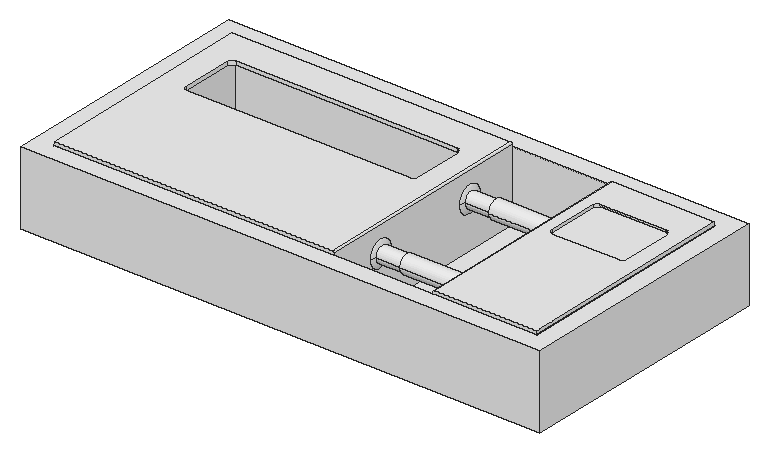
Revit family "Combination_Tissue_Toilet_Seat_Dispenser-Bobrick-ClassicSeries-B-30929", category Specialty Equipment, host Face, Revit 2014
Parameters (values of type "B-30929")
  Width = 28"  # constant formula
  URL = "http://www.bobrick.com/"
  Type Comments = ""
  Revised Date = "08/15/2019"  # constant formula
  Product Page URL = ""
  Product Documentation Link = ""
  Price = "Prices may vary. Please consult Manufacturer Representative for most up-to-date price list."  # constant formula
  Model = "B-30929"
  Material = "Stainless Steel-Bobrick-Type 304-Satin"
  Finish = Stainless Steel-Bobrick-Type 304-Satin
  Manufacturer = "Bobrick"
  Installation Type = "Surface-Mounted"
  Height = 14"  # constant formula
  Description = "ClassicSeries Toilet Seat-Cover Dispenser, Waste Disposal, and Toilet Tissue Dispenser"
  Depth = 3 15/16"  # constant formula
  Default Elevation = 17 7/8"  # constant formula
  Assembly Code = "C1030200"
  ADA Compliant = no
Reference planes (in)
  plane 1 "Center (Front/Back)": y = 0
  plane 2: z = 0
  plane 3 "Center (Left/Right)": x = 0
  plane 4: x = -14
  plane 5: y = -7
  plane 6: x = 14
  plane 7: y = 7
  plane 8: y = 5.96875
  plane 9: y = -5.96875
  plane 10: z = 3.9375
Forms (in)
  Extrusion 1, solid, material "Stainless Steel-Bobrick-Type 304-Satin" <- "Finish"
    sketch origin (0, 0, 0) x (1, 0, 0) y (0, 1, 0)
      loop
        line (-14, 7) -> (-14, -7) -> (14, -7) -> (14, 7) -> (-14, 7)
      loop
        line (-13, 6) -> (-13, -6) -> (13, -6) -> (13, 6) -> (-13, 6)
    from 0 to 3.9375
  Extrusion 2, solid, material "Stainless Steel-Bobrick-Type 304-Satin" <- "Finish"
    sketch origin (0, 0, 3.9375) x (1, 0, 0) y (0, 0, 1)
      loop
        line (13, 0) -> (12.96875, 0) -> (12.96875, 0.1875) -> (7.50355, 0.1875)
        arc (7.50355, 0.1875) -> (7.43475, 0.159) -> (7.40625, 0.0902) r 0.0973
        line (7.40625, 0.0902) -> (7.40625, -3.80503) -> (2.09375, -3.80503) -> (2.09375, 0.08984)
        arc (2.09375, 0.08984) -> (2.06515, 0.1589) -> (1.99609, 0.1875) r 0.09766
        line (1.99609, 0.1875) -> (-12.96875, 0.1875) -> (-12.96875, 0) -> (-13, 0) -> (-13, -3.9375) -> (13, -3.9375) -> (13, 0)
      loop
        line (7.48037, -3.80503) -> (12.85834, -3.80503) -> (12.85834, 0) -> (7.48037, 0) -> (7.48037, -3.80503)
      loop
        line (1.94083, 0) -> (-12.80917, 0) -> (-12.80917, -3.75) -> (1.94083, -3.75) -> (1.94083, 0)
    from -5.96875 to 5.96875
  Extrusion 3, void
    sketch origin (0, 0, 3.9375) x (1, 0, 0) y (0, 1, 0)
      loop
        arc (-11.33855, 4.14746) -> (-11.51533, 4.07424) -> (-11.58855, 3.89746) r 0.25
        line (-11.58855, 3.89746) -> (-11.58855, 1.14746)
        arc (-11.58855, 1.14746) -> (-11.51533, 0.97069) -> (-11.33855, 0.89746) r 0.25
        line (-11.33855, 0.89746) -> (0.66145, 0.89746)
        arc (0.66145, 0.89746) -> (0.83823, 0.97069) -> (0.91145, 1.14746) r 0.25
        line (0.91145, 1.14746) -> (0.91145, 3.81031)
        arc (0.91145, 3.81031) -> (0.8127, 4.04871) -> (0.5743, 4.14746) r 0.33715
        line (0.5743, 4.14746) -> (-11.33855, 4.14746)
    from -1.22072 to 1.32811
  Extrusion 4, void
    sketch origin (0, 0, 3.9375) x (1, 0, 0) y (0, 1, 0)
      loop
        arc (12.16145, 3.81031) -> (12.0627, 4.04871) -> (11.8243, 4.14746) r 0.33715
        line (11.8243, 4.14746) -> (8.36364, 4.14746)
        arc (8.36364, 4.14746) -> (8.18686, 4.07424) -> (8.11364, 3.89746) r 0.25
        line (8.11364, 3.89746) -> (8.11364, 1.14746)
        arc (8.11364, 1.14746) -> (8.18686, 0.97069) -> (8.36364, 0.89746) r 0.25
        line (8.36364, 0.89746) -> (11.91145, 0.89746)
        arc (11.91145, 0.89746) -> (12.08823, 0.97069) -> (12.16145, 1.14746) r 0.25
        line (12.16145, 1.14746) -> (12.16145, 3.81031)
    from 0.07719 to 0.7726
  Revolve 5, solid, material "Stainless Steel-Bobrick-Type 304-Satin" <- "Finish"
    sketch origin (0, 0, 2.6875) x (1, 0, 0) y (0, 1, 0)
      loop
        line (7.31867, 3.59629) -> (3.55123, 3.59629) -> (3.55123, 3.52975) -> (2.19705, 3.52975)
        arc (2.19705, 3.52975) -> (2.15615, 3.67557) -> (2.09375, 3.81356) r 1.00224
        line (2.09375, 3.81356) -> (2.09375, 3.10384) -> (7.40625, 3.10384) -> (7.40625, 3.81356)
        arc (7.40625, 3.81356) -> (7.35609, 3.70749) -> (7.31867, 3.59629) r 1.00224
      axis (2.09375, 3.10384) -> (7.40625, 3.10384)
    angle from 0 to 360
  Revolve 6, solid, material "Stainless Steel-Bobrick-Type 304-Satin" <- "Finish"
    sketch origin (0, -6, 2.6875) x (1, 0, 0) y (0, 1, 0)
      loop
        line (7.31867, 3.59629) -> (3.55123, 3.59629) -> (3.55123, 3.52975) -> (2.19705, 3.52975)
        arc (2.19705, 3.52975) -> (2.15615, 3.67557) -> (2.09375, 3.81356) r 1.00224
        line (2.09375, 3.81356) -> (2.09375, 3.10384) -> (7.40625, 3.10384) -> (7.40625, 3.81356)
        arc (7.40625, 3.81356) -> (7.35609, 3.70749) -> (7.31867, 3.59629) r 1.00224
      axis (2.09375, 3.10384) -> (7.40625, 3.10384)
    angle from 0 to 360
Cuts and joins
  Extrusion 3, Extrusion 4 cuts Extrusion 2
Lines and regions (in)
  Masking region 1
    outline origin (0, 0, 0) x (-1, 0, 0) y (0, 0, 1)
      loop
        line (14, 0) -> (14, 3.9375) -> (12.96875, 3.9375) -> (12.96875, 4.125) -> (-1.99609, 4.125)
        arc (-1.99609, 4.125) -> (-2.06515, 4.0964) -> (-2.09375, 4.02734) r 0.09766
        line (-2.09375, 4.02734) -> (-2.09375, 3.9375) -> (-7.40625, 3.9375) -> (-7.40625, 4.0277)
        arc (-7.40625, 4.0277) -> (-7.43475, 4.0965) -> (-7.50355, 4.125) r 0.0973
        line (-7.50355, 4.125) -> (-12.96875, 4.125) -> (-12.96875, 3.9375) -> (-14, 3.9375) -> (-14, 0) -> (14, 0)
  symbolic lines, detail levels medium+fine
    curve 1: line (13.0539, 0, 0) -> (-13.0539, 0, 0)
    curve 2: line (-13.0539, 0, 0) -> (13.0539, 0, 0)
    curve 3: line (-13, 0, 3.9375) -> (2.09375, 0, 3.9375)
    curve 4: line (13, 0, 3.9375) -> (7.40625, 0, 3.9375)
Dimensions and locks (in)
  equal spacing: plane 5, plane 1 "Center (Front/Back)", plane 7
  "Height": plane 5 to plane 7
  equal spacing: plane 4, plane 3 "Center (Left/Right)", plane 6
  "Width": plane 4 to plane 6
  aligned and locked: plane 2 to host face
  aligned and locked: level to host face
Automatic sketch dimensions
  curve 1 to level = 0"
  curve 2 to level = 0"
  curve 3 to plane 10 = 0"
  curve 4 to plane 10 = 0"
  plane 4 to curve 1 = 0.9461"
  curve 2 to curve 1 = 0"  (x2)
  plane 3 "Center (Left/Right)" to curve 3 = 2 3/32"
  curve 3 to curve 4 = 5 5/16"
  plane 6 to curve 1 = 0.9461"
  host sketch curve to host sketch curve = 96"  (x2)
  Extrusion 1 sketch curve to plane 4 = 0"
  Extrusion 1 sketch curve to plane 6 = 0"
  plane 5 to Extrusion 1 sketch curve = 0"
  plane 7 to Extrusion 1 sketch curve = 0"
  Extrusion 1 sketch curve to plane 8 = 1/32"
  plane 4 to Extrusion 1 sketch curve = 1"
  plane 6 to Extrusion 1 sketch curve = 1"
  Extrusion 1 sketch curve to plane 9 = 1/32"
  Extrusion 2 sketch curve to level = 0"
  Extrusion 2 sketch curve to plane 10 = 0"  (x4)
  plane 4 to Extrusion 2 sketch curve = 1"
  Extrusion 2 sketch curve to Extrusion 2 sketch curve = 1/32"
  Extrusion 2 sketch curve to Extrusion 2 sketch curve = 0.15958"
  plane 3 "Center (Left/Right)" to Extrusion 2 sketch curve = 1.94083"
  Extrusion 2 sketch curve to Extrusion 2 sketch curve = 0.05526"
  Extrusion 2 sketch curve to Extrusion 2 sketch curve = 0.15292"
  level to Extrusion 2 sketch curve = 0.13247"  (x2)
  Extrusion 2 sketch curve to Extrusion 2 sketch curve = 5 5/16"
  Extrusion 2 sketch curve to Extrusion 2 sketch curve = 0.07412"
  Extrusion 2 sketch curve to Extrusion 2 sketch curve = 0.0973"
  plane 6 to Extrusion 2 sketch curve = 1.14166"
  Extrusion 2 sketch curve to Extrusion 2 sketch curve = 0.11041"
  Extrusion 2 sketch curve to Extrusion 2 sketch curve = 0.14166"
  level to Extrusion 2 sketch curve = 3/16"
  plane 10 to Extrusion 2 sketch curve = 23/256"
  plane 10 to Extrusion 2 sketch curve = 0.0902"
  Extrusion 3 sketch curve to plane 1 "Center (Front/Back)" = 1.14746"
  plane 4 to Extrusion 3 sketch curve = 2.41145"
  Extrusion 3 sketch curve to Extrusion 3 sketch curve = 1/4"  (x2)
  plane 3 "Center (Left/Right)" to Extrusion 3 sketch curve = 0.5743"
  plane 3 "Center (Left/Right)" to Extrusion 3 sketch curve = 0.66145"
  Extrusion 3 sketch curve to Extrusion 3 sketch curve = 0.33715"
  plane 8 to Extrusion 3 sketch curve = 2.15844"
  Extrusion 4 sketch curve to plane 1 "Center (Front/Back)" = 1.14746"
  plane 6 to Extrusion 4 sketch curve = 5.88636"
  Extrusion 4 sketch curve to Extrusion 4 sketch curve = 1/4"  (x2)
  plane 6 to Extrusion 4 sketch curve = 2.1757"
  plane 6 to Extrusion 4 sketch curve = 2.08855"
  Extrusion 4 sketch curve to Extrusion 4 sketch curve = 0.33715"
  plane 8 to Extrusion 4 sketch curve = 2.15844"
  plane 3 "Center (Left/Right)" to Revolve 5 sketch curve = 1.21435"
  Revolve 5 sketch curve to Revolve 5 sketch curve = 0.8794"  (x2)
  Revolve 5 sketch curve to Revolve 5 sketch curve = 0.1033"
  Revolve 5 sketch curve to Revolve 5 sketch curve = 1.35418"
  Revolve 5 sketch curve to Revolve 5 sketch curve = 3.76744"
  Revolve 5 sketch curve to Revolve 5 sketch curve = 0.08758"
  plane 8 to Revolve 5 sketch curve = 2.86491"
  Revolve 5 sketch curve to Revolve 5 sketch curve = 0.22894"  (x2)
  Revolve 5 sketch curve to Revolve 5 sketch curve = 0.4259"  (x2)
  Revolve 5 sketch curve to Revolve 5 sketch curve = 0.06655"
  Revolve 5 sketch curve to Revolve 5 sketch curve = 1.04252"
  Revolve 5 sketch curve to Revolve 5 sketch curve = 1/4"
  plane 3 "Center (Left/Right)" to Revolve 6 sketch curve = 1.21435"
  Revolve 6 sketch curve to Revolve 6 sketch curve = 0.8794"  (x2)
  Revolve 6 sketch curve to Revolve 6 sketch curve = 0.1033"
  Revolve 6 sketch curve to Revolve 6 sketch curve = 1.35418"
  Revolve 6 sketch curve to Revolve 6 sketch curve = 3.76744"
  Revolve 6 sketch curve to Revolve 6 sketch curve = 0.08758"
  plane 1 "Center (Front/Back)" to Revolve 6 sketch curve = 2.89616"
  Revolve 6 sketch curve to Revolve 6 sketch curve = 0.22894"  (x2)
  Revolve 6 sketch curve to Revolve 6 sketch curve = 0.4259"  (x2)
  Revolve 6 sketch curve to Revolve 6 sketch curve = 0.06655"
  Revolve 6 sketch curve to Revolve 6 sketch curve = 1.04252"
  Revolve 6 sketch curve to Revolve 6 sketch curve = 1/4"
  plane 6 to Masking region 1 sketch curve = 0"
  Masking region 1 sketch curve to plane 10 = 0"  (x3)
  Masking region 1 sketch curve to plane 4 = 0"
  Masking region 1 sketch curve to level = 0"
  Masking region 1 sketch curve to Masking region 1 sketch curve = 1 1/32"
  plane 10 to Masking region 1 sketch curve = 3/16"
  Masking region 1 sketch curve to Masking region 1 sketch curve = 5.4652"
  Masking region 1 sketch curve to Masking region 1 sketch curve = 0.0973"
  plane 10 to Masking region 1 sketch curve = 23/256"
  plane 3 "Center (Left/Right)" to Masking region 1 sketch curve = 2 3/32"
  Masking region 1 sketch curve to Masking region 1 sketch curve = 25/256"
  plane 4 to Masking region 1 sketch curve = 1 1/32"
  plane 6 to curve 4 = 1"
  plane 4 to curve 3 = 1"
